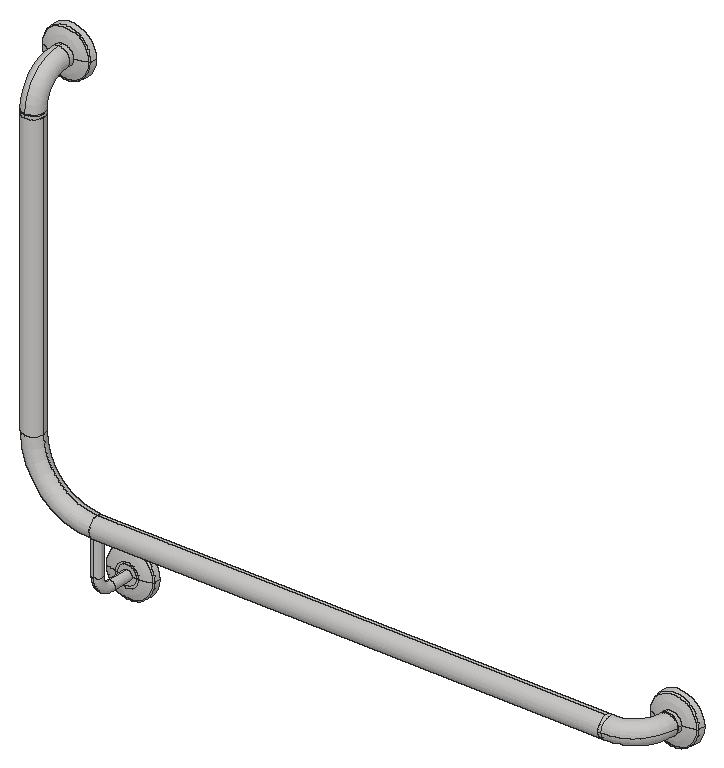
Revit family "Grab Rail_Metlam_90 Deg_Side Wall_Right", category Specialty Equipment, Revit 2016
Family settings
  Part Type = Normal
  Round Connector Dimension = Use Diameter
  OmniClass Number = 23.40.20.21.47
  OmniClass Title = Bath Grab Bars
  Work Plane-Based = No
  Always vertical = Yes
  Cut with Voids When Loaded = No
  Shared = No
  Room Calculation Point = Yes
Parameters (values of type "982w x 90d x 632h (MLR104_X)")
  Width = 982 mm  # constant formula
  URL = "http://www.metlam.com.au/"
  Type Comments = "Grab Rails"  # constant formula
  Model = "MLR104_X"
  Material_ANZRS = z_Metlam_Metal_Stainless Steel_Satin
  Manufacturer_Width = 950 mm  # constant formula
  Manufacturer_URL__Product Specific = "https://metlam.com.au/product/content/grab-rails/MLR104_X"
  Manufacturer_Spec Code = Model  # "MLR104_X"
  Manufacturer_Height From FFL [instance] = 800 mm
  Manufacturer_Height = 600 mm  # constant formula
  Manufacturer_Depth = Depth  # 90 mm
  Manufacturer = "Metlam"  # constant formula
  Keynote = ""
  Height = 632 mm  # constant formula
  Description = "90° Flush Mount Side Wall Rail RH"  # constant formula
  Depth = 90 mm  # constant formula
  CreatedBy_ANZRS = "IGS BIM Solutions"  # constant formula
  CreatedByURL_ANZRS = "http://www.igsgroup.com.au/"
  Assembly Code = ""
Reference planes
  plane 1 "Back": y = 0
  plane 2 "Ref. Level": z = 0
  plane 3 "Right": x = 0
  plane 4 "Right Wall Mount_Centre (Elevation)": z = 784
  plane 5 "Front": y = -90
  plane 6 "Middle Wall Mount_Centre (Elevation)": z = 691
  plane 7 "Left Wall Mount_Centre (Elevation)": z = 1384
  plane 8 "Mounting Height": z = 800
  plane 9 "Bottom": z = 653
  plane 10 "Horizontal Rail_Bottom": z = 768
  plane 11 "Vertical Rail_Top": z = 1400
  plane 12 "Top": z = 1423
  plane 13 "Right Wall Mount_Centre (Left/Right)": x = -39
  plane 14 "Left Wall Mount_Centre (Left/Right)": x = -989
  plane 15 "Left": x = -1028
  plane 16 "Vertical Rail_Left": x = -1005
  plane 17 "Horizontal Rail_Right": x = -23
  plane 18 "Vertical Rail_Right": x = -973
  plane 19 "Middle Wall Mount_Centre (Left/Right)": x = -889
Forms (mm)
  Revolve 1, solid, material "z_Metlam_Metal_Stainless Steel_Satin" <- "Material_ANZRS"
    sketch origin (0, 0, 1384) x (1, 0, 0) y (0, -1, 0)
      loop
        line (-973, 16.062) -> (-973, 23.032) -> (-989, 23.032) -> (-989, 0) -> (-950, 0) -> (-951.401, 8.79)
        arc (-951.401, 8.79) -> (-951.851, 9.87) -> (-952.743, 10.627) r 2.5
        arc (-952.743, 10.627) -> (-962.591, 14.389) -> (-973, 16.062) r 51.397
      axis (-989, 23.032) -> (-989, 0)
    angle from 0 to 360
  Revolve 2, solid, material "z_Metlam_Metal_Stainless Steel_Satin" <- "Material_ANZRS"
    sketch origin (0, 0, 784) x (1, 0, 0) y (0, -1, 0)
      loop
        arc (-55, 16.031) -> (-65.409, 14.357) -> (-75.257, 10.595) r 51.397
        arc (-75.257, 10.595) -> (-76.149, 9.838) -> (-76.599, 8.759) r 2.5
        line (-76.599, 8.759) -> (-78, 0) -> (-39, 0) -> (-39, 23) -> (-55, 23) -> (-55, 16.031)
      axis (-39, 23) -> (-39, 0)
    angle from 0 to 360
  Revolve 3, solid, material "z_Metlam_Metal_Stainless Steel_Satin" <- "Material_ANZRS"
    sketch origin (0, 0, 691) x (1, 0, 0) y (0, -1, 0)
      loop
        line (-851, 0) -> (-851.391, 8.494)
        arc (-851.391, 8.494) -> (-851.787, 9.734) -> (-852.754, 10.607) r 2.5
        arc (-852.754, 10.607) -> (-861.634, 14.116) -> (-871.017, 15.888) r 50.422
        arc (-871.017, 15.888) -> (-872.574, 15.995) -> (-874.135, 16.031) r 34
        line (-874.135, 16.031) -> (-889, 16.031) -> (-889, 0) -> (-851, 0)
      axis (-889, 0) -> (-889, 16.031)
    angle from 0 to 360
  Sweep 4, solid, material "z_Metlam_Metal_Stainless Steel_Satin" <- "Material_ANZRS"
    path origin (-889, 0, 0) x (0, 0, 1) y (0, -1, 0)
      loop
        line (691, 16.031) -> (691, 49)
        arc (691, 49) -> (698.322, 66.678) -> (716, 74) r 25
        line (716, 74) -> (784, 74)
    profile origin (-889, -32.515, 691) x (0, 0, 1) y (-1, 0, 0)
      loop
        circle (0, 0) r 7.5
  Sweep 5, solid, material "z_Metlam_Metal_Stainless Steel_Satin" <- "Material_ANZRS"
    path origin (0, 0, 0) x (-1, 0, 0) y (0, 0, 1)
      loop
        line (94, 784) -> (889, 784)
        arc (889, 784) -> (959.711, 813.289) -> (989, 884) r 100
        line (989, 884) -> (989, 1327.713)
    profile origin (-491.5, 0, 784) x (0, 0, -1) y (0, -1, 0)
      loop
        circle (0, 74) r 16
  Sweep 6, solid, material "z_Metlam_Metal_Stainless Steel_Satin" <- "Material_ANZRS"
    path origin (0, 0, 784) x (1, 0, 0) y (0, -1, 0)
      loop
        line (-39, 23) -> (-39, 24)
        arc (-39, 24) -> (-53.645, 59.355) -> (-89, 74) r 50
        line (-89, 74) -> (-94, 74)
    profile origin (-91.5, -74, 784) x (0, -1, 0) y (0, 0, 1)
      loop
        circle (0, 0) r 16
  Sweep 7, solid, material "z_Metlam_Metal_Stainless Steel_Satin" <- "Material_ANZRS"
    path origin (-989, 0, 0) x (0, 0, 1) y (0, -1, 0)
      loop
        line (1384, 16.062) -> (1384, 24)
        arc (1384, 24) -> (1369.355, 59.355) -> (1334, 74) r 50
        line (1334, 74) -> (1332.713, 74) -> (1327.713, 74)
    profile origin (-989, -20.031, 1384) x (0, 0, 1) y (-1, 0, 0)
      loop
        circle (0, 0) r 16
Cuts and joins
  joined: Revolve 1, Revolve 2, Revolve 3, Sweep 4, Sweep 5, Sweep 6, Sweep 7
Lines and regions (mm)
  Masking region 1
    outline origin (-889, 0, 784) x (1, 0, 0) y (0, 1, 0)
      loop
        arc (-84, -16.031) -> (-73.577, -14.379) -> (-63.727, -10.593) r 50.422
        arc (-63.727, -10.593) -> (-62.847, -9.842) -> (-62.404, -8.775) r 2.482
        line (-62.404, -8.775) -> (-61, 0) -> (-139, 0) -> (-137.594, -8.788)
        arc (-137.594, -8.788) -> (-137.155, -9.844) -> (-136.286, -10.587) r 2.455
        arc (-136.286, -10.587) -> (-126.43, -14.377) -> (-116, -16.031) r 50.422
        line (-116, -16.031) -> (-116, -74)
        arc (-116, -74) -> (-111.314, -85.314) -> (-100, -90) r 16
        line (-100, -90) -> (800, -90)
        arc (800, -90) -> (846.669, -70.669) -> (866, -24) r 66
        line (866, -24) -> (866, -16.031)
        arc (866, -16.031) -> (876.43, -14.377) -> (886.286, -10.586) r 50.422
        arc (886.286, -10.586) -> (887.155, -9.844) -> (887.594, -8.788) r 2.455
        line (887.594, -8.788) -> (889, 0) -> (811, 0) -> (812.404, -8.774)
        arc (812.404, -8.774) -> (812.847, -9.842) -> (813.727, -10.593) r 2.482
        arc (813.727, -10.593) -> (823.577, -14.378) -> (834, -16.031) r 50.422
        line (834, -16.031) -> (834, -24)
        arc (834, -24) -> (824.042, -48.042) -> (800, -58) r 34
        line (800, -58) -> (7.5, -58) -> (7.5, -16.031) -> (16, -16.031)
        arc (16, -16.031) -> (26.43, -14.377) -> (36.286, -10.586) r 50.422
        arc (36.286, -10.586) -> (37.211, -9.764) -> (37.617, -8.596) r 2.455
        line (37.617, -8.596) -> (38.003, 0) -> (-37.997, 0) -> (-37.617, -8.6)
        arc (-37.617, -8.6) -> (-37.21, -9.766) -> (-36.286, -10.586) r 2.455
        arc (-36.286, -10.586) -> (-26.43, -14.377) -> (-16, -16.031) r 50.422
        line (-16, -16.031) -> (-7.5, -16.031) -> (-7.5, -58) -> (-84, -58) -> (-84, -16.031)
  symbolic lines, style "Grab Rails", detail levels medium+fine
    curve 1: line (-55, -16.031, 784) -> (-23, -16.031, 784)
    curve 2: line (-1005.001, -16.031, 784) -> (-972.999, -16.031, 784)
    curve 3: line (-881.5, -16.031, 0) -> (-896.5, -16.031, 0)
    curve 4: line (-881.5, -58, 0) -> (-896.5, -58, 0)
  symbolic lines, style "Grab Rails"
    curve 5: line (-973, -74, 784) -> (-973, -58, 784)
    curve 6: arc (-973, -74, 0) -> (-977.686, -85.314, 0) -> (-989, -90, 0) r 16
Text (mm)
  text "> Contact Manufacturer to confirm feasibility of design variations outside the scope of this Revit Family\n\n\n\nDisclaimer:\n\nDue to ongoing product development and manufacturing evolution, product details are subject to change without notice. Please refer to product technical data sheets on the manufacturer’s website for the most current product information. Please allow a +/- 5mm manufacturing tolerance for dimensions and set-outs shown in product literature." at (157.165, 142.881, 0), in view "Ref. Level_Instruction"
Dimensions and locks
  "Manufacturer_Height From FFL": plane 8 "Mounting Height" to plane 2 "Ref. Level"
  "Depth": plane 5 "Front" to plane 1 "Back"
  "Height": plane 11 "Vertical Rail_Top" to plane 10 "Horizontal Rail_Bottom"
  locked: plane 12 "Top" to plane 11 "Vertical Rail_Top" at 23
  locked: plane 8 "Mounting Height" to plane 4 "Right Wall Mount_Centre (Elevation)" at 16
  locked: plane 4 "Right Wall Mount_Centre (Elevation)" to plane 10 "Horizontal Rail_Bottom" at 16
  locked: plane 6 "Middle Wall Mount_Centre (Elevation)" to plane 9 "Bottom" at 38
  locked: plane 10 "Horizontal Rail_Bottom" to plane 6 "Middle Wall Mount_Centre (Elevation)" at 77
  "Manufacturer_Height": plane 7 "Left Wall Mount_Centre (Elevation)" to plane 4 "Right Wall Mount_Centre (Elevation)"
  aligned and locked: level to plane 2 "Ref. Level"
Automatic sketch dimensions
  curve 6 to plane 14 "Left Wall Mount_Centre (Left/Right)" = 0 mm
  curve 6 to plane 18 "Vertical Rail_Right" = 0 mm
  plane 5 "Front" to curve 6 = 16 mm
  plane 19 "Middle Wall Mount_Centre (Left/Right)" to curve 4 = 7.5 mm
  plane 19 "Middle Wall Mount_Centre (Left/Right)" to curve 3 = 7.5 mm
  curve 4 to plane 19 "Middle Wall Mount_Centre (Left/Right)" = 7.5 mm
  curve 3 to plane 19 "Middle Wall Mount_Centre (Left/Right)" = 7.5 mm
  plane 5 "Front" to curve 4 = 32 mm
  plane 1 "Back" to curve 3 = 16.031 mm
  curve 1 to plane 17 "Horizontal Rail_Right" = 0 mm
  curve 5 to plane 18 "Vertical Rail_Right" = 0 mm
  plane 1 "Back" to curve 1 = 16.031 mm
  plane 13 "Right Wall Mount_Centre (Left/Right)" to curve 1 = 16 mm
  curve 2 to plane 18 "Vertical Rail_Right" = 0.001 mm
  plane 16 "Vertical Rail_Left" to curve 2 = 0.001 mm
  plane 1 "Back" to curve 2 = 16.031 mm
  plane 5 "Front" to curve 5 = 32 mm
  plane 5 "Front" to curve 5 = 16 mm
  Revolve 1 sketch curve to plane 14 "Left Wall Mount_Centre (Left/Right)" = 0 mm  (x2)
  Revolve 1 sketch curve to plane 1 "Back" = 0 mm
  Revolve 1 sketch curve to plane 18 "Vertical Rail_Right" = 0 mm
  Revolve 1 sketch curve to plane 18 "Vertical Rail_Right" = 2.911 mm
  Revolve 1 sketch curve to plane 1 "Back" = 8.395 mm
  plane 18 "Vertical Rail_Right" to Revolve 1 sketch curve = 19.13 mm
  Revolve 1 sketch curve to plane 1 "Back" = 8.79 mm
  Revolve 1 sketch curve to Revolve 1 sketch curve = 2.469 mm
  Revolve 1 sketch curve to Revolve 1 sketch curve = 1.401 mm
  plane 1 "Back" to Revolve 1 sketch curve = 35.252 mm
  Revolve 1 sketch curve to plane 1 "Back" = 16.062 mm
  Revolve 1 sketch curve to Revolve 1 sketch curve = 6.969 mm
  Revolve 1 sketch curve to Revolve 1 sketch curve = 4.717 mm
  Revolve 1 sketch curve to plane 1 "Back" = 10.032 mm
  Revolve 2 sketch curve to plane 1 "Back" = 0 mm
  Revolve 2 sketch curve to plane 13 "Right Wall Mount_Centre (Left/Right)" = 0 mm  (x2)
  Revolve 2 sketch curve to plane 13 "Right Wall Mount_Centre (Left/Right)" = 13.089 mm
  Revolve 2 sketch curve to Revolve 2 sketch curve = 16 mm
  Revolve 2 sketch curve to plane 1 "Back" = 8.364 mm
  Revolve 2 sketch curve to Revolve 2 sketch curve = 19.13 mm
  Revolve 2 sketch curve to plane 1 "Back" = 8.759 mm
  Revolve 2 sketch curve to Revolve 2 sketch curve = 2.469 mm
  Revolve 2 sketch curve to Revolve 2 sketch curve = 1.401 mm
  plane 1 "Back" to Revolve 2 sketch curve = 35.283 mm
  Revolve 2 sketch curve to plane 1 "Back" = 16.031 mm
  Revolve 2 sketch curve to Revolve 2 sketch curve = 6.969 mm
  Revolve 2 sketch curve to Revolve 2 sketch curve = 4.717 mm
  Revolve 2 sketch curve to Revolve 2 sketch curve = 10 mm
  Revolve 3 sketch curve to plane 19 "Middle Wall Mount_Centre (Left/Right)" = 0 mm  (x2)
  Revolve 3 sketch curve to plane 1 "Back" = 0 mm  (x2)
  plane 19 "Middle Wall Mount_Centre (Left/Right)" to Revolve 3 sketch curve = 13.36 mm
  plane 19 "Middle Wall Mount_Centre (Left/Right)" to Revolve 3 sketch curve = 14.865 mm
  Revolve 3 sketch curve to plane 1 "Back" = 8.379 mm
  Revolve 3 sketch curve to Revolve 3 sketch curve = 20.246 mm
  Revolve 3 sketch curve to plane 1 "Back" = 8.494 mm
  Revolve 3 sketch curve to Revolve 3 sketch curve = 2.497 mm
  Revolve 3 sketch curve to Revolve 3 sketch curve = 0.391 mm
  plane 1 "Back" to Revolve 3 sketch curve = 17.969 mm
  Revolve 3 sketch curve to Revolve 3 sketch curve = 16.353 mm
  Revolve 3 sketch curve to plane 1 "Back" = 16.031 mm
  Revolve 3 sketch curve to Revolve 3 sketch curve = 0 mm
  Revolve 3 sketch curve to Revolve 3 sketch curve = 11.61 mm
  Sweep 4 sketch curve to plane 6 "Middle Wall Mount_Centre (Elevation)" = 0 mm
  Sweep 4 sketch curve to plane 4 "Right Wall Mount_Centre (Elevation)" = 0 mm
  Sweep 4 sketch curve to plane 6 "Middle Wall Mount_Centre (Elevation)" = 25 mm
  Sweep 4 sketch curve to plane 5 "Front" = 41 mm
  Sweep 4 sketch curve to plane 1 "Back" = 16.031 mm
  Sweep 4 sketch curve to profile plane = 0 mm
  profile plane to Sweep 4 sketch curve = 0 mm
  Sweep 5 sketch curve to plane 4 "Right Wall Mount_Centre (Elevation)" = 0 mm
  plane 14 "Left Wall Mount_Centre (Left/Right)" to Sweep 5 sketch curve = 0 mm
  plane 18 "Vertical Rail_Right" to Sweep 5 sketch curve = 84 mm
  Sweep 5 sketch curve to plane 13 "Right Wall Mount_Centre (Left/Right)" = 55 mm
  plane 7 "Left Wall Mount_Centre (Elevation)" to Sweep 5 sketch curve = 56.287 mm
  Sweep 5 sketch curve to profile plane = 0 mm
  plane 1 "Back" to Sweep 5 sketch curve = 74 mm
  Sweep 6 sketch curve to plane 13 "Right Wall Mount_Centre (Left/Right)" = 0 mm
  Sweep 6 sketch curve to plane 5 "Front" = 16 mm
  Sweep 6 sketch curve to plane 13 "Right Wall Mount_Centre (Left/Right)" = 50 mm
  Sweep 6 sketch curve to Sweep 6 sketch curve = 5 mm
  Sweep 6 sketch curve to Sweep 6 sketch curve = 1 mm
  Sweep 6 sketch curve to plane 4 "Right Wall Mount_Centre (Elevation)" = 0 mm
  Sweep 6 sketch curve to profile plane = 0 mm
  Sweep 7 sketch curve to plane 7 "Left Wall Mount_Centre (Elevation)" = 0 mm
  Sweep 7 sketch curve to plane 1 "Back" = 24 mm
  Sweep 7 sketch curve to Sweep 7 sketch curve = 50 mm
  Sweep 7 sketch curve to Sweep 7 sketch curve = 1.287 mm
  Sweep 7 sketch curve to Sweep 7 sketch curve = 5 mm
  Sweep 7 sketch curve to Sweep 7 sketch curve = 7.938 mm
  Sweep 7 sketch curve to profile plane = 0 mm
  profile plane to Sweep 7 sketch curve = 0 mm
  Masking region 1 sketch curve to Masking region 1 sketch curve = 0 mm  (x6)
  Masking region 1 sketch curve to plane 16 "Vertical Rail_Left" = 0 mm
  Masking region 1 sketch curve to plane 14 "Left Wall Mount_Centre (Left/Right)" = 0 mm
  Masking region 1 sketch curve to plane 18 "Vertical Rail_Right" = 0 mm
  Masking region 1 sketch curve to plane 1 "Back" = 0 mm  (x2)
  Masking region 1 sketch curve to plane 17 "Horizontal Rail_Right" = 0 mm
  Masking region 1 sketch curve to plane 3 "Right" = 0 mm
  Masking region 1 sketch curve to plane 15 "Left" = 3.83 mm
  Masking region 1 sketch curve to plane 15 "Left" = 1.406 mm
  Masking region 1 sketch curve to plane 15 "Left" = 0 mm
  Masking region 1 sketch curve to plane 16 "Vertical Rail_Left" = 2.64 mm
  plane 18 "Vertical Rail_Right" to Masking region 1 sketch curve = 2.64 mm
  plane 1 "Back" to Masking region 1 sketch curve = 8.382 mm
  Masking region 1 sketch curve to plane 18 "Vertical Rail_Right" = 19.145 mm
  plane 1 "Back" to Masking region 1 sketch curve = 8.775 mm
  Masking region 1 sketch curve to Masking region 1 sketch curve = 2.451 mm  (x2)
  plane 1 "Back" to Masking region 1 sketch curve = 0 mm
  Masking region 1 sketch curve to Masking region 1 sketch curve = 1.404 mm  (x2)
  Masking region 1 sketch curve to Masking region 1 sketch curve = 23.003 mm
  plane 1 "Back" to Masking region 1 sketch curve = 8.6 mm
  Masking region 1 sketch curve to Masking region 1 sketch curve = 0.38 mm
  Masking region 1 sketch curve to Masking region 1 sketch curve = 2.447 mm  (x2)
  plane 19 "Middle Wall Mount_Centre (Left/Right)" to Masking region 1 sketch curve = 16 mm
  plane 19 "Middle Wall Mount_Centre (Left/Right)" to Masking region 1 sketch curve = 13.36 mm
  plane 19 "Middle Wall Mount_Centre (Left/Right)" to Masking region 1 sketch curve = 7.5 mm
  Masking region 1 sketch curve to plane 19 "Middle Wall Mount_Centre (Left/Right)" = 7.5 mm
  Masking region 1 sketch curve to plane 19 "Middle Wall Mount_Centre (Left/Right)" = 13.36 mm
  Masking region 1 sketch curve to Masking region 1 sketch curve = 8.5 mm
  plane 1 "Back" to Masking region 1 sketch curve = 8.4 mm
  Masking region 1 sketch curve to Masking region 1 sketch curve = 19.17 mm
  plane 1 "Back" to Masking region 1 sketch curve = 8.596 mm
  Masking region 1 sketch curve to Masking region 1 sketch curve = 0.386 mm
  plane 13 "Right Wall Mount_Centre (Left/Right)" to Masking region 1 sketch curve = 50 mm
  Masking region 1 sketch curve to Masking region 1 sketch curve = 11 mm
  plane 1 "Back" to Masking region 1 sketch curve = 8.774 mm
  plane 13 "Right Wall Mount_Centre (Left/Right)" to Masking region 1 sketch curve = 16 mm
  plane 13 "Right Wall Mount_Centre (Left/Right)" to Masking region 1 sketch curve = 13.36 mm
  plane 17 "Horizontal Rail_Right" to Masking region 1 sketch curve = 2.64 mm
  Masking region 1 sketch curve to plane 3 "Right" = 3.83 mm
  Masking region 1 sketch curve to plane 3 "Right" = 1.406 mm
  plane 1 "Back" to Masking region 1 sketch curve = 8.788 mm  (x2)
  plane 1 "Back" to Masking region 1 sketch curve = 16.031 mm  (x5)
  Masking region 1 sketch curve to Masking region 1 sketch curve = 7.969 mm
  Masking region 1 sketch curve to Masking region 1 sketch curve = 16 mm
  Masking region 1 sketch curve to Masking region 1 sketch curve = 0.388 mm  (x2)
  Masking region 1 sketch curve to Masking region 1 sketch curve = 0.2 mm
  Masking region 1 sketch curve to Masking region 1 sketch curve = 0.392 mm
  Masking region 1 sketch curve to plane 1 "Back" = 34.322 mm  (x3)
  radius of Sweep 4 sketch curve = 7.5 mm
  radius of Sweep 5 sketch curve = 16 mm
  radius of Sweep 6 sketch curve = 16 mm
  radius of Sweep 7 sketch curve = 16 mm
